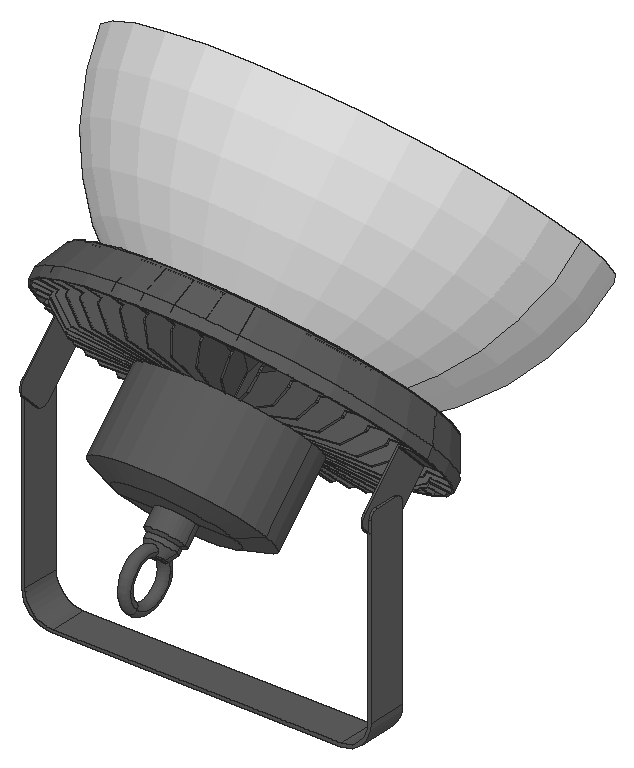
Revit family "0039364+0039355+0039359 Sylvania Lighting Fixture START HighBay IP65 DALI 26000lm 840 MB with BRACKET and ALU SHADE ALU COLOR FOR 26KLM", category Lighting Fixtures, host Face, Revit 2016 (continued)
Definition of nested family "Start LED Highbay DALI Head"
  Nested families
    nested 6: "Start Highbay Rib" at (0, 0, 80.875) x (0.7071, 0.7071, 0) z (0, 0, 1), type "Type Name", detail levels medium+fine
      with SuspensionHeight_FEILO 2.6 mm, WidthStraight_FEILO 4.7 mm, WidthRingChamfer_FEILO 12.9 mm, WidthCurved_FEILO 26.2 mm, WidthCurvedRing_FEILO 4.7 mm, SizeS_FEILO no, Rib4_FEILO 14.6 mm, Rib3_FEILO 20.2 mm, Rib2_FEILO 4.5 mm, Rib1_FEILO 19 mm, RadiusDiffuser_FEILO 120 mm, RHRadius3_FEILO 8.6 mm, RHRadius2_FEILO 14 mm, RHRadius1_FEILO 17.7 mm, RHHeight4_FEILO 9.2 mm, RHHeight3_FEILO 4.6 mm, RHHeight2_FEILO 2.6 mm, RHHeight1_FEILO 17.4 mm, HeightRing_FEILO 36.8 mm, HeightRingChamfer_FEILO 26.6 mm, EyeThickness_FEILO 10.5 mm, EyeThicknessHalf_FEILO 5.25 mm, EyeInner_FEILO 17.3 mm, DriverVerticalStraight_FEILO 57 mm, DriverVerticalChamfer_FEILO 9.5 mm, DriverRadius_FEILO 76.4 mm, DriverRadiusTop_FEILO 52.4 mm, DriverBottom_FEILO 74 mm, Radius_FEILO 169.5 mm
    nested 7: "Start Highbay Rib" at (0, 0, 80.875) x (0.5878, 0.809, 0) z (0, 0, 1), type "Type Name", detail levels medium+fine
      with SuspensionHeight_FEILO 2.6 mm, WidthStraight_FEILO 4.7 mm, WidthRingChamfer_FEILO 12.9 mm, WidthCurved_FEILO 26.2 mm, WidthCurvedRing_FEILO 4.7 mm, SizeS_FEILO no, Rib4_FEILO 14.6 mm, Rib3_FEILO 20.2 mm, Rib2_FEILO 4.5 mm, Rib1_FEILO 19 mm, RadiusDiffuser_FEILO 120 mm, RHRadius3_FEILO 8.6 mm, RHRadius2_FEILO 14 mm, RHRadius1_FEILO 17.7 mm, RHHeight4_FEILO 9.2 mm, RHHeight3_FEILO 4.6 mm, RHHeight2_FEILO 2.6 mm, RHHeight1_FEILO 17.4 mm, HeightRing_FEILO 36.8 mm, HeightRingChamfer_FEILO 26.6 mm, EyeThickness_FEILO 10.5 mm, EyeThicknessHalf_FEILO 5.25 mm, EyeInner_FEILO 17.3 mm, DriverVerticalStraight_FEILO 57 mm, DriverVerticalChamfer_FEILO 9.5 mm, DriverRadius_FEILO 76.4 mm, DriverRadiusTop_FEILO 52.4 mm, DriverBottom_FEILO 74 mm, Radius_FEILO 169.5 mm
    nested 8: "Start Highbay Rib" at (0, 0, 80.875) x (0.454, 0.891, 0) z (0, 0, 1), type "Type Name", detail levels medium+fine
      with SuspensionHeight_FEILO 2.6 mm, WidthStraight_FEILO 4.7 mm, WidthRingChamfer_FEILO 12.9 mm, WidthCurved_FEILO 26.2 mm, WidthCurvedRing_FEILO 4.7 mm, SizeS_FEILO no, Rib4_FEILO 14.6 mm, Rib3_FEILO 20.2 mm, Rib2_FEILO 4.5 mm, Rib1_FEILO 19 mm, RadiusDiffuser_FEILO 120 mm, RHRadius3_FEILO 8.6 mm, RHRadius2_FEILO 14 mm, RHRadius1_FEILO 17.7 mm, RHHeight4_FEILO 9.2 mm, RHHeight3_FEILO 4.6 mm, RHHeight2_FEILO 2.6 mm, RHHeight1_FEILO 17.4 mm, HeightRing_FEILO 36.8 mm, HeightRingChamfer_FEILO 26.6 mm, EyeThickness_FEILO 10.5 mm, EyeThicknessHalf_FEILO 5.25 mm, EyeInner_FEILO 17.3 mm, DriverVerticalStraight_FEILO 57 mm, DriverVerticalChamfer_FEILO 9.5 mm, DriverRadius_FEILO 76.4 mm, DriverRadiusTop_FEILO 52.4 mm, DriverBottom_FEILO 74 mm, Radius_FEILO 169.5 mm
    nested 9: "Start Highbay Rib" at (0, 0, 80.875) x (0.309, 0.9511, 0) z (0, 0, 1), type "Type Name", detail levels medium+fine
      with SuspensionHeight_FEILO 2.6 mm, WidthStraight_FEILO 4.7 mm, WidthRingChamfer_FEILO 12.9 mm, WidthCurved_FEILO 26.2 mm, WidthCurvedRing_FEILO 4.7 mm, SizeS_FEILO no, Rib4_FEILO 14.6 mm, Rib3_FEILO 20.2 mm, Rib2_FEILO 4.5 mm, Rib1_FEILO 19 mm, RadiusDiffuser_FEILO 120 mm, RHRadius3_FEILO 8.6 mm, RHRadius2_FEILO 14 mm, RHRadius1_FEILO 17.7 mm, RHHeight4_FEILO 9.2 mm, RHHeight3_FEILO 4.6 mm, RHHeight2_FEILO 2.6 mm, RHHeight1_FEILO 17.4 mm, HeightRing_FEILO 36.8 mm, HeightRingChamfer_FEILO 26.6 mm, EyeThickness_FEILO 10.5 mm, EyeThicknessHalf_FEILO 5.25 mm, EyeInner_FEILO 17.3 mm, DriverVerticalStraight_FEILO 57 mm, DriverVerticalChamfer_FEILO 9.5 mm, DriverRadius_FEILO 76.4 mm, DriverRadiusTop_FEILO 52.4 mm, DriverBottom_FEILO 74 mm, Radius_FEILO 169.5 mm
    nested 10: "Start Highbay Rib" at (0, 0, 80.875) x (0.1564, 0.9877, 0) z (0, 0, 1), type "Type Name", detail levels medium+fine
      with SuspensionHeight_FEILO 2.6 mm, WidthStraight_FEILO 4.7 mm, WidthRingChamfer_FEILO 12.9 mm, WidthCurved_FEILO 26.2 mm, WidthCurvedRing_FEILO 4.7 mm, SizeS_FEILO no, Rib4_FEILO 14.6 mm, Rib3_FEILO 20.2 mm, Rib2_FEILO 4.5 mm, Rib1_FEILO 19 mm, RadiusDiffuser_FEILO 120 mm, RHRadius3_FEILO 8.6 mm, RHRadius2_FEILO 14 mm, RHRadius1_FEILO 17.7 mm, RHHeight4_FEILO 9.2 mm, RHHeight3_FEILO 4.6 mm, RHHeight2_FEILO 2.6 mm, RHHeight1_FEILO 17.4 mm, HeightRing_FEILO 36.8 mm, HeightRingChamfer_FEILO 26.6 mm, EyeThickness_FEILO 10.5 mm, EyeThicknessHalf_FEILO 5.25 mm, EyeInner_FEILO 17.3 mm, DriverVerticalStraight_FEILO 57 mm, DriverVerticalChamfer_FEILO 9.5 mm, DriverRadius_FEILO 76.4 mm, DriverRadiusTop_FEILO 52.4 mm, DriverBottom_FEILO 74 mm, Radius_FEILO 169.5 mm
    nested 11: "Start Highbay Rib" at (0, 0, 80.875) x (0, 1, 0) z (0, 0, 1), type "Type Name", detail levels medium+fine
      with SuspensionHeight_FEILO 2.6 mm, WidthStraight_FEILO 4.7 mm, WidthRingChamfer_FEILO 12.9 mm, WidthCurved_FEILO 26.2 mm, WidthCurvedRing_FEILO 4.7 mm, SizeS_FEILO no, Rib4_FEILO 14.6 mm, Rib3_FEILO 20.2 mm, Rib2_FEILO 4.5 mm, Rib1_FEILO 19 mm, RadiusDiffuser_FEILO 120 mm, RHRadius3_FEILO 8.6 mm, RHRadius2_FEILO 14 mm, RHRadius1_FEILO 17.7 mm, RHHeight4_FEILO 9.2 mm, RHHeight3_FEILO 4.6 mm, RHHeight2_FEILO 2.6 mm, RHHeight1_FEILO 17.4 mm, HeightRing_FEILO 36.8 mm, HeightRingChamfer_FEILO 26.6 mm, EyeThickness_FEILO 10.5 mm, EyeThicknessHalf_FEILO 5.25 mm, EyeInner_FEILO 17.3 mm, DriverVerticalStraight_FEILO 57 mm, DriverVerticalChamfer_FEILO 9.5 mm, DriverRadius_FEILO 76.4 mm, DriverRadiusTop_FEILO 52.4 mm, DriverBottom_FEILO 74 mm, Radius_FEILO 169.5 mm
    nested 12: "Start Highbay Rib" at (0, 0, 80.875) x (-0.1564, 0.9877, 0) z (0, 0, 1), type "Type Name", detail levels medium+fine
      with SuspensionHeight_FEILO 2.6 mm, WidthStraight_FEILO 4.7 mm, WidthRingChamfer_FEILO 12.9 mm, WidthCurved_FEILO 26.2 mm, WidthCurvedRing_FEILO 4.7 mm, SizeS_FEILO no, Rib4_FEILO 14.6 mm, Rib3_FEILO 20.2 mm, Rib2_FEILO 4.5 mm, Rib1_FEILO 19 mm, RadiusDiffuser_FEILO 120 mm, RHRadius3_FEILO 8.6 mm, RHRadius2_FEILO 14 mm, RHRadius1_FEILO 17.7 mm, RHHeight4_FEILO 9.2 mm, RHHeight3_FEILO 4.6 mm, RHHeight2_FEILO 2.6 mm, RHHeight1_FEILO 17.4 mm, HeightRing_FEILO 36.8 mm, HeightRingChamfer_FEILO 26.6 mm, EyeThickness_FEILO 10.5 mm, EyeThicknessHalf_FEILO 5.25 mm, EyeInner_FEILO 17.3 mm, DriverVerticalStraight_FEILO 57 mm, DriverVerticalChamfer_FEILO 9.5 mm, DriverRadius_FEILO 76.4 mm, DriverRadiusTop_FEILO 52.4 mm, DriverBottom_FEILO 74 mm, Radius_FEILO 169.5 mm
    nested 13: "Start Highbay Rib" at (0, 0, 80.875) x (-0.309, 0.9511, 0) z (0, 0, 1), type "Type Name", detail levels medium+fine
      with SuspensionHeight_FEILO 2.6 mm, WidthStraight_FEILO 4.7 mm, WidthRingChamfer_FEILO 12.9 mm, WidthCurved_FEILO 26.2 mm, WidthCurvedRing_FEILO 4.7 mm, SizeS_FEILO no, Rib4_FEILO 14.6 mm, Rib3_FEILO 20.2 mm, Rib2_FEILO 4.5 mm, Rib1_FEILO 19 mm, RadiusDiffuser_FEILO 120 mm, RHRadius3_FEILO 8.6 mm, RHRadius2_FEILO 14 mm, RHRadius1_FEILO 17.7 mm, RHHeight4_FEILO 9.2 mm, RHHeight3_FEILO 4.6 mm, RHHeight2_FEILO 2.6 mm, RHHeight1_FEILO 17.4 mm, HeightRing_FEILO 36.8 mm, HeightRingChamfer_FEILO 26.6 mm, EyeThickness_FEILO 10.5 mm, EyeThicknessHalf_FEILO 5.25 mm, EyeInner_FEILO 17.3 mm, DriverVerticalStraight_FEILO 57 mm, DriverVerticalChamfer_FEILO 9.5 mm, DriverRadius_FEILO 76.4 mm, DriverRadiusTop_FEILO 52.4 mm, DriverBottom_FEILO 74 mm, Radius_FEILO 169.5 mm
    nested 14: "Start Highbay Rib" at (0, 0, 80.875) x (-0.454, 0.891, 0) z (0, 0, 1), type "Type Name", detail levels medium+fine
      with SuspensionHeight_FEILO 2.6 mm, WidthStraight_FEILO 4.7 mm, WidthRingChamfer_FEILO 12.9 mm, WidthCurved_FEILO 26.2 mm, WidthCurvedRing_FEILO 4.7 mm, SizeS_FEILO no, Rib4_FEILO 14.6 mm, Rib3_FEILO 20.2 mm, Rib2_FEILO 4.5 mm, Rib1_FEILO 19 mm, RadiusDiffuser_FEILO 120 mm, RHRadius3_FEILO 8.6 mm, RHRadius2_FEILO 14 mm, RHRadius1_FEILO 17.7 mm, RHHeight4_FEILO 9.2 mm, RHHeight3_FEILO 4.6 mm, RHHeight2_FEILO 2.6 mm, RHHeight1_FEILO 17.4 mm, HeightRing_FEILO 36.8 mm, HeightRingChamfer_FEILO 26.6 mm, EyeThickness_FEILO 10.5 mm, EyeThicknessHalf_FEILO 5.25 mm, EyeInner_FEILO 17.3 mm, DriverVerticalStraight_FEILO 57 mm, DriverVerticalChamfer_FEILO 9.5 mm, DriverRadius_FEILO 76.4 mm, DriverRadiusTop_FEILO 52.4 mm, DriverBottom_FEILO 74 mm, Radius_FEILO 169.5 mm
    nested 15: "Start Highbay Rib" at (0, 0, 80.875) x (-0.5878, 0.809, 0) z (0, 0, 1), type "Type Name", detail levels medium+fine
      with SuspensionHeight_FEILO 2.6 mm, WidthStraight_FEILO 4.7 mm, WidthRingChamfer_FEILO 12.9 mm, WidthCurved_FEILO 26.2 mm, WidthCurvedRing_FEILO 4.7 mm, SizeS_FEILO no, Rib4_FEILO 14.6 mm, Rib3_FEILO 20.2 mm, Rib2_FEILO 4.5 mm, Rib1_FEILO 19 mm, RadiusDiffuser_FEILO 120 mm, RHRadius3_FEILO 8.6 mm, RHRadius2_FEILO 14 mm, RHRadius1_FEILO 17.7 mm, RHHeight4_FEILO 9.2 mm, RHHeight3_FEILO 4.6 mm, RHHeight2_FEILO 2.6 mm, RHHeight1_FEILO 17.4 mm, HeightRing_FEILO 36.8 mm, HeightRingChamfer_FEILO 26.6 mm, EyeThickness_FEILO 10.5 mm, EyeThicknessHalf_FEILO 5.25 mm, EyeInner_FEILO 17.3 mm, DriverVerticalStraight_FEILO 57 mm, DriverVerticalChamfer_FEILO 9.5 mm, DriverRadius_FEILO 76.4 mm, DriverRadiusTop_FEILO 52.4 mm, DriverBottom_FEILO 74 mm, Radius_FEILO 169.5 mm
    nested 16: "Start Highbay Rib" at (0, 0, 80.875) x (-0.7071, 0.7071, 0) z (0, 0, 1), type "Type Name", detail levels medium+fine
      with SuspensionHeight_FEILO 2.6 mm, WidthStraight_FEILO 4.7 mm, WidthRingChamfer_FEILO 12.9 mm, WidthCurved_FEILO 26.2 mm, WidthCurvedRing_FEILO 4.7 mm, SizeS_FEILO no, Rib4_FEILO 14.6 mm, Rib3_FEILO 20.2 mm, Rib2_FEILO 4.5 mm, Rib1_FEILO 19 mm, RadiusDiffuser_FEILO 120 mm, RHRadius3_FEILO 8.6 mm, RHRadius2_FEILO 14 mm, RHRadius1_FEILO 17.7 mm, RHHeight4_FEILO 9.2 mm, RHHeight3_FEILO 4.6 mm, RHHeight2_FEILO 2.6 mm, RHHeight1_FEILO 17.4 mm, HeightRing_FEILO 36.8 mm, HeightRingChamfer_FEILO 26.6 mm, EyeThickness_FEILO 10.5 mm, EyeThicknessHalf_FEILO 5.25 mm, EyeInner_FEILO 17.3 mm, DriverVerticalStraight_FEILO 57 mm, DriverVerticalChamfer_FEILO 9.5 mm, DriverRadius_FEILO 76.4 mm, DriverRadiusTop_FEILO 52.4 mm, DriverBottom_FEILO 74 mm, Radius_FEILO 169.5 mm
    nested 17: "Start Highbay Rib" at (0, 0, 80.875) x (-0.809, 0.5878, 0) z (0, 0, 1), type "Type Name", detail levels medium+fine
      with SuspensionHeight_FEILO 2.6 mm, WidthStraight_FEILO 4.7 mm, WidthRingChamfer_FEILO 12.9 mm, WidthCurved_FEILO 26.2 mm, WidthCurvedRing_FEILO 4.7 mm, SizeS_FEILO no, Rib4_FEILO 14.6 mm, Rib3_FEILO 20.2 mm, Rib2_FEILO 4.5 mm, Rib1_FEILO 19 mm, RadiusDiffuser_FEILO 120 mm, RHRadius3_FEILO 8.6 mm, RHRadius2_FEILO 14 mm, RHRadius1_FEILO 17.7 mm, RHHeight4_FEILO 9.2 mm, RHHeight3_FEILO 4.6 mm, RHHeight2_FEILO 2.6 mm, RHHeight1_FEILO 17.4 mm, HeightRing_FEILO 36.8 mm, HeightRingChamfer_FEILO 26.6 mm, EyeThickness_FEILO 10.5 mm, EyeThicknessHalf_FEILO 5.25 mm, EyeInner_FEILO 17.3 mm, DriverVerticalStraight_FEILO 57 mm, DriverVerticalChamfer_FEILO 9.5 mm, DriverRadius_FEILO 76.4 mm, DriverRadiusTop_FEILO 52.4 mm, DriverBottom_FEILO 74 mm, Radius_FEILO 169.5 mm
    nested 18: "Start Highbay Rib" at (0, 0, 80.875) x (-0.891, 0.454, 0) z (0, 0, 1), type "Type Name", detail levels medium+fine
      with SuspensionHeight_FEILO 2.6 mm, WidthStraight_FEILO 4.7 mm, WidthRingChamfer_FEILO 12.9 mm, WidthCurved_FEILO 26.2 mm, WidthCurvedRing_FEILO 4.7 mm, SizeS_FEILO no, Rib4_FEILO 14.6 mm, Rib3_FEILO 20.2 mm, Rib2_FEILO 4.5 mm, Rib1_FEILO 19 mm, RadiusDiffuser_FEILO 120 mm, RHRadius3_FEILO 8.6 mm, RHRadius2_FEILO 14 mm, RHRadius1_FEILO 17.7 mm, RHHeight4_FEILO 9.2 mm, RHHeight3_FEILO 4.6 mm, RHHeight2_FEILO 2.6 mm, RHHeight1_FEILO 17.4 mm, HeightRing_FEILO 36.8 mm, HeightRingChamfer_FEILO 26.6 mm, EyeThickness_FEILO 10.5 mm, EyeThicknessHalf_FEILO 5.25 mm, EyeInner_FEILO 17.3 mm, DriverVerticalStraight_FEILO 57 mm, DriverVerticalChamfer_FEILO 9.5 mm, DriverRadius_FEILO 76.4 mm, DriverRadiusTop_FEILO 52.4 mm, DriverBottom_FEILO 74 mm, Radius_FEILO 169.5 mm
    nested 19: "Start Highbay Rib" at (0, 0, 80.875) x (-0.9511, 0.309, 0) z (0, 0, 1), type "Type Name", detail levels medium+fine
      with SuspensionHeight_FEILO 2.6 mm, WidthStraight_FEILO 4.7 mm, WidthRingChamfer_FEILO 12.9 mm, WidthCurved_FEILO 26.2 mm, WidthCurvedRing_FEILO 4.7 mm, SizeS_FEILO no, Rib4_FEILO 14.6 mm, Rib3_FEILO 20.2 mm, Rib2_FEILO 4.5 mm, Rib1_FEILO 19 mm, RadiusDiffuser_FEILO 120 mm, RHRadius3_FEILO 8.6 mm, RHRadius2_FEILO 14 mm, RHRadius1_FEILO 17.7 mm, RHHeight4_FEILO 9.2 mm, RHHeight3_FEILO 4.6 mm, RHHeight2_FEILO 2.6 mm, RHHeight1_FEILO 17.4 mm, HeightRing_FEILO 36.8 mm, HeightRingChamfer_FEILO 26.6 mm, EyeThickness_FEILO 10.5 mm, EyeThicknessHalf_FEILO 5.25 mm, EyeInner_FEILO 17.3 mm, DriverVerticalStraight_FEILO 57 mm, DriverVerticalChamfer_FEILO 9.5 mm, DriverRadius_FEILO 76.4 mm, DriverRadiusTop_FEILO 52.4 mm, DriverBottom_FEILO 74 mm, Radius_FEILO 169.5 mm
    nested 20: "Start Highbay Rib" at (0, 0, 80.875) x (-0.9877, 0.1564, 0) z (0, 0, 1), type "Type Name", detail levels medium+fine
      with SuspensionHeight_FEILO 2.6 mm, WidthStraight_FEILO 4.7 mm, WidthRingChamfer_FEILO 12.9 mm, WidthCurved_FEILO 26.2 mm, WidthCurvedRing_FEILO 4.7 mm, SizeS_FEILO no, Rib4_FEILO 14.6 mm, Rib3_FEILO 20.2 mm, Rib2_FEILO 4.5 mm, Rib1_FEILO 19 mm, RadiusDiffuser_FEILO 120 mm, RHRadius3_FEILO 8.6 mm, RHRadius2_FEILO 14 mm, RHRadius1_FEILO 17.7 mm, RHHeight4_FEILO 9.2 mm, RHHeight3_FEILO 4.6 mm, RHHeight2_FEILO 2.6 mm, RHHeight1_FEILO 17.4 mm, HeightRing_FEILO 36.8 mm, HeightRingChamfer_FEILO 26.6 mm, EyeThickness_FEILO 10.5 mm, EyeThicknessHalf_FEILO 5.25 mm, EyeInner_FEILO 17.3 mm, DriverVerticalStraight_FEILO 57 mm, DriverVerticalChamfer_FEILO 9.5 mm, DriverRadius_FEILO 76.4 mm, DriverRadiusTop_FEILO 52.4 mm, DriverBottom_FEILO 74 mm, Radius_FEILO 169.5 mm
    nested 21: "Start Highbay Rib" at (0, 0, 80.875) x (-1, 0, 0) z (0, 0, 1), type "Type Name", detail levels medium+fine
      with SuspensionHeight_FEILO 2.6 mm, WidthStraight_FEILO 4.7 mm, WidthRingChamfer_FEILO 12.9 mm, WidthCurved_FEILO 26.2 mm, WidthCurvedRing_FEILO 4.7 mm, SizeS_FEILO no, Rib4_FEILO 14.6 mm, Rib3_FEILO 20.2 mm, Rib2_FEILO 4.5 mm, Rib1_FEILO 19 mm, RadiusDiffuser_FEILO 120 mm, RHRadius3_FEILO 8.6 mm, RHRadius2_FEILO 14 mm, RHRadius1_FEILO 17.7 mm, RHHeight4_FEILO 9.2 mm, RHHeight3_FEILO 4.6 mm, RHHeight2_FEILO 2.6 mm, RHHeight1_FEILO 17.4 mm, HeightRing_FEILO 36.8 mm, HeightRingChamfer_FEILO 26.6 mm, EyeThickness_FEILO 10.5 mm, EyeThicknessHalf_FEILO 5.25 mm, EyeInner_FEILO 17.3 mm, DriverVerticalStraight_FEILO 57 mm, DriverVerticalChamfer_FEILO 9.5 mm, DriverRadius_FEILO 76.4 mm, DriverRadiusTop_FEILO 52.4 mm, DriverBottom_FEILO 74 mm, Radius_FEILO 169.5 mm
    nested 22: "Start Highbay Rib" at (0, 0, 80.875) x (-0.9877, -0.1564, 0) z (0, 0, 1), type "Type Name", detail levels medium+fine
      with SuspensionHeight_FEILO 2.6 mm, WidthStraight_FEILO 4.7 mm, WidthRingChamfer_FEILO 12.9 mm, WidthCurved_FEILO 26.2 mm, WidthCurvedRing_FEILO 4.7 mm, SizeS_FEILO no, Rib4_FEILO 14.6 mm, Rib3_FEILO 20.2 mm, Rib2_FEILO 4.5 mm, Rib1_FEILO 19 mm, RadiusDiffuser_FEILO 120 mm, RHRadius3_FEILO 8.6 mm, RHRadius2_FEILO 14 mm, RHRadius1_FEILO 17.7 mm, RHHeight4_FEILO 9.2 mm, RHHeight3_FEILO 4.6 mm, RHHeight2_FEILO 2.6 mm, RHHeight1_FEILO 17.4 mm, HeightRing_FEILO 36.8 mm, HeightRingChamfer_FEILO 26.6 mm, EyeThickness_FEILO 10.5 mm, EyeThicknessHalf_FEILO 5.25 mm, EyeInner_FEILO 17.3 mm, DriverVerticalStraight_FEILO 57 mm, DriverVerticalChamfer_FEILO 9.5 mm, DriverRadius_FEILO 76.4 mm, DriverRadiusTop_FEILO 52.4 mm, DriverBottom_FEILO 74 mm, Radius_FEILO 169.5 mm
    nested 23: "Start Highbay Rib" at (0, 0, 80.875) x (-0.9511, -0.309, 0) z (0, 0, 1), type "Type Name", detail levels medium+fine
      with SuspensionHeight_FEILO 2.6 mm, WidthStraight_FEILO 4.7 mm, WidthRingChamfer_FEILO 12.9 mm, WidthCurved_FEILO 26.2 mm, WidthCurvedRing_FEILO 4.7 mm, SizeS_FEILO no, Rib4_FEILO 14.6 mm, Rib3_FEILO 20.2 mm, Rib2_FEILO 4.5 mm, Rib1_FEILO 19 mm, RadiusDiffuser_FEILO 120 mm, RHRadius3_FEILO 8.6 mm, RHRadius2_FEILO 14 mm, RHRadius1_FEILO 17.7 mm, RHHeight4_FEILO 9.2 mm, RHHeight3_FEILO 4.6 mm, RHHeight2_FEILO 2.6 mm, RHHeight1_FEILO 17.4 mm, HeightRing_FEILO 36.8 mm, HeightRingChamfer_FEILO 26.6 mm, EyeThickness_FEILO 10.5 mm, EyeThicknessHalf_FEILO 5.25 mm, EyeInner_FEILO 17.3 mm, DriverVerticalStraight_FEILO 57 mm, DriverVerticalChamfer_FEILO 9.5 mm, DriverRadius_FEILO 76.4 mm, DriverRadiusTop_FEILO 52.4 mm, DriverBottom_FEILO 74 mm, Radius_FEILO 169.5 mm
    nested 24: "Start Highbay Rib" at (0, 0, 80.875) x (-0.891, -0.454, 0) z (0, 0, 1), type "Type Name", detail levels medium+fine
      with SuspensionHeight_FEILO 2.6 mm, WidthStraight_FEILO 4.7 mm, WidthRingChamfer_FEILO 12.9 mm, WidthCurved_FEILO 26.2 mm, WidthCurvedRing_FEILO 4.7 mm, SizeS_FEILO no, Rib4_FEILO 14.6 mm, Rib3_FEILO 20.2 mm, Rib2_FEILO 4.5 mm, Rib1_FEILO 19 mm, RadiusDiffuser_FEILO 120 mm, RHRadius3_FEILO 8.6 mm, RHRadius2_FEILO 14 mm, RHRadius1_FEILO 17.7 mm, RHHeight4_FEILO 9.2 mm, RHHeight3_FEILO 4.6 mm, RHHeight2_FEILO 2.6 mm, RHHeight1_FEILO 17.4 mm, HeightRing_FEILO 36.8 mm, HeightRingChamfer_FEILO 26.6 mm, EyeThickness_FEILO 10.5 mm, EyeThicknessHalf_FEILO 5.25 mm, EyeInner_FEILO 17.3 mm, DriverVerticalStraight_FEILO 57 mm, DriverVerticalChamfer_FEILO 9.5 mm, DriverRadius_FEILO 76.4 mm, DriverRadiusTop_FEILO 52.4 mm, DriverBottom_FEILO 74 mm, Radius_FEILO 169.5 mm
    nested 25: "Start Highbay Rib" at (0, 0, 80.875) x (-0.809, -0.5878, 0) z (0, 0, 1), type "Type Name", detail levels medium+fine
      with SuspensionHeight_FEILO 2.6 mm, WidthStraight_FEILO 4.7 mm, WidthRingChamfer_FEILO 12.9 mm, WidthCurved_FEILO 26.2 mm, WidthCurvedRing_FEILO 4.7 mm, SizeS_FEILO no, Rib4_FEILO 14.6 mm, Rib3_FEILO 20.2 mm, Rib2_FEILO 4.5 mm, Rib1_FEILO 19 mm, RadiusDiffuser_FEILO 120 mm, RHRadius3_FEILO 8.6 mm, RHRadius2_FEILO 14 mm, RHRadius1_FEILO 17.7 mm, RHHeight4_FEILO 9.2 mm, RHHeight3_FEILO 4.6 mm, RHHeight2_FEILO 2.6 mm, RHHeight1_FEILO 17.4 mm, HeightRing_FEILO 36.8 mm, HeightRingChamfer_FEILO 26.6 mm, EyeThickness_FEILO 10.5 mm, EyeThicknessHalf_FEILO 5.25 mm, EyeInner_FEILO 17.3 mm, DriverVerticalStraight_FEILO 57 mm, DriverVerticalChamfer_FEILO 9.5 mm, DriverRadius_FEILO 76.4 mm, DriverRadiusTop_FEILO 52.4 mm, DriverBottom_FEILO 74 mm, Radius_FEILO 169.5 mm
    nested 26: "Start Highbay Rib" at (0, 0, 80.875) x (-0.7071, -0.7071, 0) z (0, 0, 1), type "Type Name", detail levels medium+fine
      with SuspensionHeight_FEILO 2.6 mm, WidthStraight_FEILO 4.7 mm, WidthRingChamfer_FEILO 12.9 mm, WidthCurved_FEILO 26.2 mm, WidthCurvedRing_FEILO 4.7 mm, SizeS_FEILO no, Rib4_FEILO 14.6 mm, Rib3_FEILO 20.2 mm, Rib2_FEILO 4.5 mm, Rib1_FEILO 19 mm, RadiusDiffuser_FEILO 120 mm, RHRadius3_FEILO 8.6 mm, RHRadius2_FEILO 14 mm, RHRadius1_FEILO 17.7 mm, RHHeight4_FEILO 9.2 mm, RHHeight3_FEILO 4.6 mm, RHHeight2_FEILO 2.6 mm, RHHeight1_FEILO 17.4 mm, HeightRing_FEILO 36.8 mm, HeightRingChamfer_FEILO 26.6 mm, EyeThickness_FEILO 10.5 mm, EyeThicknessHalf_FEILO 5.25 mm, EyeInner_FEILO 17.3 mm, DriverVerticalStraight_FEILO 57 mm, DriverVerticalChamfer_FEILO 9.5 mm, DriverRadius_FEILO 76.4 mm, DriverRadiusTop_FEILO 52.4 mm, DriverBottom_FEILO 74 mm, Radius_FEILO 169.5 mm
    nested 27: "Start Highbay Rib" at (0, 0, 80.875) x (-0.5878, -0.809, 0) z (0, 0, 1), type "Type Name", detail levels medium+fine
      with SuspensionHeight_FEILO 2.6 mm, WidthStraight_FEILO 4.7 mm, WidthRingChamfer_FEILO 12.9 mm, WidthCurved_FEILO 26.2 mm, WidthCurvedRing_FEILO 4.7 mm, SizeS_FEILO no, Rib4_FEILO 14.6 mm, Rib3_FEILO 20.2 mm, Rib2_FEILO 4.5 mm, Rib1_FEILO 19 mm, RadiusDiffuser_FEILO 120 mm, RHRadius3_FEILO 8.6 mm, RHRadius2_FEILO 14 mm, RHRadius1_FEILO 17.7 mm, RHHeight4_FEILO 9.2 mm, RHHeight3_FEILO 4.6 mm, RHHeight2_FEILO 2.6 mm, RHHeight1_FEILO 17.4 mm, HeightRing_FEILO 36.8 mm, HeightRingChamfer_FEILO 26.6 mm, EyeThickness_FEILO 10.5 mm, EyeThicknessHalf_FEILO 5.25 mm, EyeInner_FEILO 17.3 mm, DriverVerticalStraight_FEILO 57 mm, DriverVerticalChamfer_FEILO 9.5 mm, DriverRadius_FEILO 76.4 mm, DriverRadiusTop_FEILO 52.4 mm, DriverBottom_FEILO 74 mm, Radius_FEILO 169.5 mm
    nested 28: "Start Highbay Rib" at (0, 0, 80.875) x (-0.454, -0.891, 0) z (0, 0, 1), type "Type Name", detail levels medium+fine
      with SuspensionHeight_FEILO 2.6 mm, WidthStraight_FEILO 4.7 mm, WidthRingChamfer_FEILO 12.9 mm, WidthCurved_FEILO 26.2 mm, WidthCurvedRing_FEILO 4.7 mm, SizeS_FEILO no, Rib4_FEILO 14.6 mm, Rib3_FEILO 20.2 mm, Rib2_FEILO 4.5 mm, Rib1_FEILO 19 mm, RadiusDiffuser_FEILO 120 mm, RHRadius3_FEILO 8.6 mm, RHRadius2_FEILO 14 mm, RHRadius1_FEILO 17.7 mm, RHHeight4_FEILO 9.2 mm, RHHeight3_FEILO 4.6 mm, RHHeight2_FEILO 2.6 mm, RHHeight1_FEILO 17.4 mm, HeightRing_FEILO 36.8 mm, HeightRingChamfer_FEILO 26.6 mm, EyeThickness_FEILO 10.5 mm, EyeThicknessHalf_FEILO 5.25 mm, EyeInner_FEILO 17.3 mm, DriverVerticalStraight_FEILO 57 mm, DriverVerticalChamfer_FEILO 9.5 mm, DriverRadius_FEILO 76.4 mm, DriverRadiusTop_FEILO 52.4 mm, DriverBottom_FEILO 74 mm, Radius_FEILO 169.5 mm
    nested 29: "Start Highbay Rib" at (0, 0, 80.875) x (-0.309, -0.9511, 0) z (0, 0, 1), type "Type Name", detail levels medium+fine
      with SuspensionHeight_FEILO 2.6 mm, WidthStraight_FEILO 4.7 mm, WidthRingChamfer_FEILO 12.9 mm, WidthCurved_FEILO 26.2 mm, WidthCurvedRing_FEILO 4.7 mm, SizeS_FEILO no, Rib4_FEILO 14.6 mm, Rib3_FEILO 20.2 mm, Rib2_FEILO 4.5 mm, Rib1_FEILO 19 mm, RadiusDiffuser_FEILO 120 mm, RHRadius3_FEILO 8.6 mm, RHRadius2_FEILO 14 mm, RHRadius1_FEILO 17.7 mm, RHHeight4_FEILO 9.2 mm, RHHeight3_FEILO 4.6 mm, RHHeight2_FEILO 2.6 mm, RHHeight1_FEILO 17.4 mm, HeightRing_FEILO 36.8 mm, HeightRingChamfer_FEILO 26.6 mm, EyeThickness_FEILO 10.5 mm, EyeThicknessHalf_FEILO 5.25 mm, EyeInner_FEILO 17.3 mm, DriverVerticalStraight_FEILO 57 mm, DriverVerticalChamfer_FEILO 9.5 mm, DriverRadius_FEILO 76.4 mm, DriverRadiusTop_FEILO 52.4 mm, DriverBottom_FEILO 74 mm, Radius_FEILO 169.5 mm
    nested 30: "Start Highbay Rib" at (0, 0, 80.875) x (-0.1564, -0.9877, 0) z (0, 0, 1), type "Type Name", detail levels medium+fine
      with SuspensionHeight_FEILO 2.6 mm, WidthStraight_FEILO 4.7 mm, WidthRingChamfer_FEILO 12.9 mm, WidthCurved_FEILO 26.2 mm, WidthCurvedRing_FEILO 4.7 mm, SizeS_FEILO no, Rib4_FEILO 14.6 mm, Rib3_FEILO 20.2 mm, Rib2_FEILO 4.5 mm, Rib1_FEILO 19 mm, RadiusDiffuser_FEILO 120 mm, RHRadius3_FEILO 8.6 mm, RHRadius2_FEILO 14 mm, RHRadius1_FEILO 17.7 mm, RHHeight4_FEILO 9.2 mm, RHHeight3_FEILO 4.6 mm, RHHeight2_FEILO 2.6 mm, RHHeight1_FEILO 17.4 mm, HeightRing_FEILO 36.8 mm, HeightRingChamfer_FEILO 26.6 mm, EyeThickness_FEILO 10.5 mm, EyeThicknessHalf_FEILO 5.25 mm, EyeInner_FEILO 17.3 mm, DriverVerticalStraight_FEILO 57 mm, DriverVerticalChamfer_FEILO 9.5 mm, DriverRadius_FEILO 76.4 mm, DriverRadiusTop_FEILO 52.4 mm, DriverBottom_FEILO 74 mm, Radius_FEILO 169.5 mm
    nested 31: "Start Highbay Rib" at (0, 0, 80.875) x (0, -1, 0) z (0, 0, 1), type "Type Name", detail levels medium+fine
      with SuspensionHeight_FEILO 2.6 mm, WidthStraight_FEILO 4.7 mm, WidthRingChamfer_FEILO 12.9 mm, WidthCurved_FEILO 26.2 mm, WidthCurvedRing_FEILO 4.7 mm, SizeS_FEILO no, Rib4_FEILO 14.6 mm, Rib3_FEILO 20.2 mm, Rib2_FEILO 4.5 mm, Rib1_FEILO 19 mm, RadiusDiffuser_FEILO 120 mm, RHRadius3_FEILO 8.6 mm, RHRadius2_FEILO 14 mm, RHRadius1_FEILO 17.7 mm, RHHeight4_FEILO 9.2 mm, RHHeight3_FEILO 4.6 mm, RHHeight2_FEILO 2.6 mm, RHHeight1_FEILO 17.4 mm, HeightRing_FEILO 36.8 mm, HeightRingChamfer_FEILO 26.6 mm, EyeThickness_FEILO 10.5 mm, EyeThicknessHalf_FEILO 5.25 mm, EyeInner_FEILO 17.3 mm, DriverVerticalStraight_FEILO 57 mm, DriverVerticalChamfer_FEILO 9.5 mm, DriverRadius_FEILO 76.4 mm, DriverRadiusTop_FEILO 52.4 mm, DriverBottom_FEILO 74 mm, Radius_FEILO 169.5 mm
    nested 32: "Start Highbay Rib" at (0, 0, 80.875) x (0.1564, -0.9877, 0) z (0, 0, 1), type "Type Name", detail levels medium+fine
      with SuspensionHeight_FEILO 2.6 mm, WidthStraight_FEILO 4.7 mm, WidthRingChamfer_FEILO 12.9 mm, WidthCurved_FEILO 26.2 mm, WidthCurvedRing_FEILO 4.7 mm, SizeS_FEILO no, Rib4_FEILO 14.6 mm, Rib3_FEILO 20.2 mm, Rib2_FEILO 4.5 mm, Rib1_FEILO 19 mm, RadiusDiffuser_FEILO 120 mm, RHRadius3_FEILO 8.6 mm, RHRadius2_FEILO 14 mm, RHRadius1_FEILO 17.7 mm, RHHeight4_FEILO 9.2 mm, RHHeight3_FEILO 4.6 mm, RHHeight2_FEILO 2.6 mm, RHHeight1_FEILO 17.4 mm, HeightRing_FEILO 36.8 mm, HeightRingChamfer_FEILO 26.6 mm, EyeThickness_FEILO 10.5 mm, EyeThicknessHalf_FEILO 5.25 mm, EyeInner_FEILO 17.3 mm, DriverVerticalStraight_FEILO 57 mm, DriverVerticalChamfer_FEILO 9.5 mm, DriverRadius_FEILO 76.4 mm, DriverRadiusTop_FEILO 52.4 mm, DriverBottom_FEILO 74 mm, Radius_FEILO 169.5 mm
    nested 33: "Start Highbay Rib" at (0, 0, 80.875) x (0.309, -0.9511, 0) z (0, 0, 1), type "Type Name", detail levels medium+fine
      with SuspensionHeight_FEILO 2.6 mm, WidthStraight_FEILO 4.7 mm, WidthRingChamfer_FEILO 12.9 mm, WidthCurved_FEILO 26.2 mm, WidthCurvedRing_FEILO 4.7 mm, SizeS_FEILO no, Rib4_FEILO 14.6 mm, Rib3_FEILO 20.2 mm, Rib2_FEILO 4.5 mm, Rib1_FEILO 19 mm, RadiusDiffuser_FEILO 120 mm, RHRadius3_FEILO 8.6 mm, RHRadius2_FEILO 14 mm, RHRadius1_FEILO 17.7 mm, RHHeight4_FEILO 9.2 mm, RHHeight3_FEILO 4.6 mm, RHHeight2_FEILO 2.6 mm, RHHeight1_FEILO 17.4 mm, HeightRing_FEILO 36.8 mm, HeightRingChamfer_FEILO 26.6 mm, EyeThickness_FEILO 10.5 mm, EyeThicknessHalf_FEILO 5.25 mm, EyeInner_FEILO 17.3 mm, DriverVerticalStraight_FEILO 57 mm, DriverVerticalChamfer_FEILO 9.5 mm, DriverRadius_FEILO 76.4 mm, DriverRadiusTop_FEILO 52.4 mm, DriverBottom_FEILO 74 mm, Radius_FEILO 169.5 mm
    nested 34: "Start Highbay Rib" at (0, 0, 80.875) x (0.454, -0.891, 0) z (0, 0, 1), type "Type Name", detail levels medium+fine
      with SuspensionHeight_FEILO 2.6 mm, WidthStraight_FEILO 4.7 mm, WidthRingChamfer_FEILO 12.9 mm, WidthCurved_FEILO 26.2 mm, WidthCurvedRing_FEILO 4.7 mm, SizeS_FEILO no, Rib4_FEILO 14.6 mm, Rib3_FEILO 20.2 mm, Rib2_FEILO 4.5 mm, Rib1_FEILO 19 mm, RadiusDiffuser_FEILO 120 mm, RHRadius3_FEILO 8.6 mm, RHRadius2_FEILO 14 mm, RHRadius1_FEILO 17.7 mm, RHHeight4_FEILO 9.2 mm, RHHeight3_FEILO 4.6 mm, RHHeight2_FEILO 2.6 mm, RHHeight1_FEILO 17.4 mm, HeightRing_FEILO 36.8 mm, HeightRingChamfer_FEILO 26.6 mm, EyeThickness_FEILO 10.5 mm, EyeThicknessHalf_FEILO 5.25 mm, EyeInner_FEILO 17.3 mm, DriverVerticalStraight_FEILO 57 mm, DriverVerticalChamfer_FEILO 9.5 mm, DriverRadius_FEILO 76.4 mm, DriverRadiusTop_FEILO 52.4 mm, DriverBottom_FEILO 74 mm, Radius_FEILO 169.5 mm
    nested 35: "Start Highbay Rib" at (0, 0, 80.875) x (0.5878, -0.809, 0) z (0, 0, 1), type "Type Name", detail levels medium+fine
      with SuspensionHeight_FEILO 2.6 mm, WidthStraight_FEILO 4.7 mm, WidthRingChamfer_FEILO 12.9 mm, WidthCurved_FEILO 26.2 mm, WidthCurvedRing_FEILO 4.7 mm, SizeS_FEILO no, Rib4_FEILO 14.6 mm, Rib3_FEILO 20.2 mm, Rib2_FEILO 4.5 mm, Rib1_FEILO 19 mm, RadiusDiffuser_FEILO 120 mm, RHRadius3_FEILO 8.6 mm, RHRadius2_FEILO 14 mm, RHRadius1_FEILO 17.7 mm, RHHeight4_FEILO 9.2 mm, RHHeight3_FEILO 4.6 mm, RHHeight2_FEILO 2.6 mm, RHHeight1_FEILO 17.4 mm, HeightRing_FEILO 36.8 mm, HeightRingChamfer_FEILO 26.6 mm, EyeThickness_FEILO 10.5 mm, EyeThicknessHalf_FEILO 5.25 mm, EyeInner_FEILO 17.3 mm, DriverVerticalStraight_FEILO 57 mm, DriverVerticalChamfer_FEILO 9.5 mm, DriverRadius_FEILO 76.4 mm, DriverRadiusTop_FEILO 52.4 mm, DriverBottom_FEILO 74 mm, Radius_FEILO 169.5 mm
    nested 36: "Start Highbay Rib" at (0, 0, 80.875) x (0.7071, -0.7071, 0) z (0, 0, 1), type "Type Name", detail levels medium+fine
      with SuspensionHeight_FEILO 2.6 mm, WidthStraight_FEILO 4.7 mm, WidthRingChamfer_FEILO 12.9 mm, WidthCurved_FEILO 26.2 mm, WidthCurvedRing_FEILO 4.7 mm, SizeS_FEILO no, Rib4_FEILO 14.6 mm, Rib3_FEILO 20.2 mm, Rib2_FEILO 4.5 mm, Rib1_FEILO 19 mm, RadiusDiffuser_FEILO 120 mm, RHRadius3_FEILO 8.6 mm, RHRadius2_FEILO 14 mm, RHRadius1_FEILO 17.7 mm, RHHeight4_FEILO 9.2 mm, RHHeight3_FEILO 4.6 mm, RHHeight2_FEILO 2.6 mm, RHHeight1_FEILO 17.4 mm, HeightRing_FEILO 36.8 mm, HeightRingChamfer_FEILO 26.6 mm, EyeThickness_FEILO 10.5 mm, EyeThicknessHalf_FEILO 5.25 mm, EyeInner_FEILO 17.3 mm, DriverVerticalStraight_FEILO 57 mm, DriverVerticalChamfer_FEILO 9.5 mm, DriverRadius_FEILO 76.4 mm, DriverRadiusTop_FEILO 52.4 mm, DriverBottom_FEILO 74 mm, Radius_FEILO 169.5 mm
    nested 37: "Start Highbay Rib" at (0, 0, 80.875) x (0.809, -0.5878, 0) z (0, 0, 1), type "Type Name", detail levels medium+fine
      with SuspensionHeight_FEILO 2.6 mm, WidthStraight_FEILO 4.7 mm, WidthRingChamfer_FEILO 12.9 mm, WidthCurved_FEILO 26.2 mm, WidthCurvedRing_FEILO 4.7 mm, SizeS_FEILO no, Rib4_FEILO 14.6 mm, Rib3_FEILO 20.2 mm, Rib2_FEILO 4.5 mm, Rib1_FEILO 19 mm, RadiusDiffuser_FEILO 120 mm, RHRadius3_FEILO 8.6 mm, RHRadius2_FEILO 14 mm, RHRadius1_FEILO 17.7 mm, RHHeight4_FEILO 9.2 mm, RHHeight3_FEILO 4.6 mm, RHHeight2_FEILO 2.6 mm, RHHeight1_FEILO 17.4 mm, HeightRing_FEILO 36.8 mm, HeightRingChamfer_FEILO 26.6 mm, EyeThickness_FEILO 10.5 mm, EyeThicknessHalf_FEILO 5.25 mm, EyeInner_FEILO 17.3 mm, DriverVerticalStraight_FEILO 57 mm, DriverVerticalChamfer_FEILO 9.5 mm, DriverRadius_FEILO 76.4 mm, DriverRadiusTop_FEILO 52.4 mm, DriverBottom_FEILO 74 mm, Radius_FEILO 169.5 mm
    nested 38: "Start Highbay Rib" at (0, 0, 80.875) x (0.891, -0.454, 0) z (0, 0, 1), type "Type Name", detail levels medium+fine
      with SuspensionHeight_FEILO 2.6 mm, WidthStraight_FEILO 4.7 mm, WidthRingChamfer_FEILO 12.9 mm, WidthCurved_FEILO 26.2 mm, WidthCurvedRing_FEILO 4.7 mm, SizeS_FEILO no, Rib4_FEILO 14.6 mm, Rib3_FEILO 20.2 mm, Rib2_FEILO 4.5 mm, Rib1_FEILO 19 mm, RadiusDiffuser_FEILO 120 mm, RHRadius3_FEILO 8.6 mm, RHRadius2_FEILO 14 mm, RHRadius1_FEILO 17.7 mm, RHHeight4_FEILO 9.2 mm, RHHeight3_FEILO 4.6 mm, RHHeight2_FEILO 2.6 mm, RHHeight1_FEILO 17.4 mm, HeightRing_FEILO 36.8 mm, HeightRingChamfer_FEILO 26.6 mm, EyeThickness_FEILO 10.5 mm, EyeThicknessHalf_FEILO 5.25 mm, EyeInner_FEILO 17.3 mm, DriverVerticalStraight_FEILO 57 mm, DriverVerticalChamfer_FEILO 9.5 mm, DriverRadius_FEILO 76.4 mm, DriverRadiusTop_FEILO 52.4 mm, DriverBottom_FEILO 74 mm, Radius_FEILO 169.5 mm
    nested 39: "Start Highbay Rib" at (0, 0, 80.875) x (0.9511, -0.309, 0) z (0, 0, 1), type "Type Name", detail levels medium+fine
      with SuspensionHeight_FEILO 2.6 mm, WidthStraight_FEILO 4.7 mm, WidthRingChamfer_FEILO 12.9 mm, WidthCurved_FEILO 26.2 mm, WidthCurvedRing_FEILO 4.7 mm, SizeS_FEILO no, Rib4_FEILO 14.6 mm, Rib3_FEILO 20.2 mm, Rib2_FEILO 4.5 mm, Rib1_FEILO 19 mm, RadiusDiffuser_FEILO 120 mm, RHRadius3_FEILO 8.6 mm, RHRadius2_FEILO 14 mm, RHRadius1_FEILO 17.7 mm, RHHeight4_FEILO 9.2 mm, RHHeight3_FEILO 4.6 mm, RHHeight2_FEILO 2.6 mm, RHHeight1_FEILO 17.4 mm, HeightRing_FEILO 36.8 mm, HeightRingChamfer_FEILO 26.6 mm, EyeThickness_FEILO 10.5 mm, EyeThicknessHalf_FEILO 5.25 mm, EyeInner_FEILO 17.3 mm, DriverVerticalStraight_FEILO 57 mm, DriverVerticalChamfer_FEILO 9.5 mm, DriverRadius_FEILO 76.4 mm, DriverRadiusTop_FEILO 52.4 mm, DriverBottom_FEILO 74 mm, Radius_FEILO 169.5 mm
    nested 40: "Start Highbay Rib" at (0, 0, 80.875) x (0.9877, -0.1564, 0) z (0, 0, 1), type "Type Name", detail levels medium+fine
      with SuspensionHeight_FEILO 2.6 mm, WidthStraight_FEILO 4.7 mm, WidthRingChamfer_FEILO 12.9 mm, WidthCurved_FEILO 26.2 mm, WidthCurvedRing_FEILO 4.7 mm, SizeS_FEILO no, Rib4_FEILO 14.6 mm, Rib3_FEILO 20.2 mm, Rib2_FEILO 4.5 mm, Rib1_FEILO 19 mm, RadiusDiffuser_FEILO 120 mm, RHRadius3_FEILO 8.6 mm, RHRadius2_FEILO 14 mm, RHRadius1_FEILO 17.7 mm, RHHeight4_FEILO 9.2 mm, RHHeight3_FEILO 4.6 mm, RHHeight2_FEILO 2.6 mm, RHHeight1_FEILO 17.4 mm, HeightRing_FEILO 36.8 mm, HeightRingChamfer_FEILO 26.6 mm, EyeThickness_FEILO 10.5 mm, EyeThicknessHalf_FEILO 5.25 mm, EyeInner_FEILO 17.3 mm, DriverVerticalStraight_FEILO 57 mm, DriverVerticalChamfer_FEILO 9.5 mm, DriverRadius_FEILO 76.4 mm, DriverRadiusTop_FEILO 52.4 mm, DriverBottom_FEILO 74 mm, Radius_FEILO 169.5 mm
  Definition of nested family "Start Highbay Rib"
    Parameters (values of type "Type Name")
      WidthStraight_FEILO = if(SizeS_FEILO, 3 mm, if(SizeM_FEILO, 4 mm, 4.7 mm))  # 3 mm
      WidthRingChamfer_FEILO = if(SizeS_FEILO, 10.3 mm, if(SizeM_FEILO, 11.2 mm, 12.9 mm))  # 10.3 mm
      WidthCurved_FEILO = if(SizeS_FEILO, 17.4 mm, if(SizeM_FEILO, 16.4 mm, 26.2 mm))  # 17.4 mm
      WidthCurvedRing_FEILO = if(SizeS_FEILO, 3 mm, if(SizeM_FEILO, 4 mm, 4.7 mm))  # 3 mm
      WidthBracket_FEILO = 40 mm
      URL = "http://www.feilosylvania.com"
      Type Image = (empty or 0)
      Type Comments = "n/a"
      ThicknessWall_FEILO = 1.5 mm
      ThicknessBracket_FEILO = 1.5 mm
      ThicknessBracketHalf_FEILO = ThicknessBracket_FEILO / 2  # 0.75 mm
      SuspensionHeight_FEILO [instance] = 2.6 mm
      SizeS_FEILO = yes
      SizeM_FEILO = no
      Rib4_FEILO = if(SizeS_FEILO, 18.1 mm, if(SizeM_FEILO, 13.6 mm, 14.6 mm))  # 18.1 mm
      Rib3_FEILO = if(SizeS_FEILO, 15.3 mm, if(SizeM_FEILO, 17.6 mm, 20.2 mm))  # 15.3 mm
      Rib2_FEILO = if(SizeS_FEILO, 3.6 mm, if(SizeM_FEILO, 3.9 mm, 4.5 mm))  # 3.6 mm
      Rib1_FEILO = if(SizeS_FEILO, 15.1 mm, if(SizeM_FEILO, 16.5 mm, 19 mm))  # 15.1 mm
      RadiusRib_FEILO = 2 mm
      RadiusDiffuser_FEILO = if(SizeS_FEILO, 95.2 mm, if(SizeM_FEILO, 105.3 mm, 120 mm))  # 95.2 mm
      RHRadius3_FEILO = if(SizeS_FEILO, 6.6 mm, if(SizeM_FEILO, 7.4 mm, 8.6 mm))  # 6.6 mm
      RHRadius2_FEILO = if(SizeS_FEILO, 11 mm, if(SizeM_FEILO, 12 mm, 14 mm))  # 11 mm
      RHRadius1_FEILO = if(SizeS_FEILO, 13.6 mm, if(SizeM_FEILO, 14.9 mm, 17.7 mm))  # 13.6 mm
      RHHeight4_FEILO = if(SizeS_FEILO, 7.3 mm, if(SizeM_FEILO, 8 mm, 9.2 mm))  # 7.3 mm
      RHHeight3_FEILO = if(SizeS_FEILO, 3.6 mm, if(SizeM_FEILO, 3.7 mm, 4.6 mm))  # 3.6 mm
      RHHeight2_FEILO = if(SizeS_FEILO, 2 mm, if(SizeM_FEILO, 2.2 mm, 2.6 mm))  # 2 mm
      RHHeight1_FEILO = if(SizeS_FEILO, 11.8 mm, if(SizeM_FEILO, 15.3 mm, 17.4 mm))  # 11.8 mm
      Material_3_FEILO = none
      Model = ""
      Manufacturer = "Feilo Sylvania"
      Keynote = "16500"
      HeightRing_FEILO = if(SizeS_FEILO, 19.8 mm, if(SizeM_FEILO, 32 mm, 36.8 mm))  # 19.8 mm
      HeightRingChamfer_FEILO = if(SizeS_FEILO, 11.7 mm, if(SizeM_FEILO, 23.2 mm, 26.6 mm))  # 11.7 mm
      EyeThickness_FEILO = if(SizeS_FEILO, 8.4 mm, if(SizeM_FEILO, 9.2 mm, 10.5 mm))  # 8.4 mm
      EyeThicknessHalf_FEILO = EyeThickness_FEILO / 2  # 4.2 mm
      EyeInner_FEILO = if(SizeS_FEILO, 13.8 mm, if(SizeM_FEILO, 15.1 mm, 17.3 mm))  # 13.8 mm
      DriverVerticalStraight_FEILO = if(SizeS_FEILO, 46.5 mm, if(SizeM_FEILO, 49.7 mm, 57 mm))  # 46.5 mm
      DriverVerticalChamfer_FEILO = if(SizeS_FEILO, 7.5 mm, if(SizeM_FEILO, 8.2 mm, 9.5 mm))  # 7.5 mm
      DriverRadius_FEILO = if(SizeS_FEILO, 61.4 mm, if(SizeM_FEILO, 67.2 mm, 76.4 mm))  # 61.4 mm
      DriverRadiusTop_FEILO = if(SizeS_FEILO, 42 mm, if(SizeM_FEILO, 45.3 mm, 52.4 mm))  # 42 mm
      DriverBottom_FEILO = if(SizeS_FEILO, 56 mm, if(SizeM_FEILO, 64.5 mm, 74 mm))  # 56 mm
      Material_2_FEILO = none
      Radius_FEILO = if(SizeS_FEILO, 135 mm, if(SizeM_FEILO, 148 mm, 169.5 mm))  # 135 mm
      Description = ""
      Default Elevation = 1219.2 mm
      Cost = 0
      Material_1_FEILO = none
      Assembly Code = "D5020200"
      Material_4_FEILO = none
    Reference planes
      plane 1 "Center (Front/Back)": y = 0
      plane 2: z = 0
      plane 3 "Center (Left/Right)": x = 0
      plane 4: z = 2.6
      plane 5: x = -135
      plane 6: x = -124.7
      plane 7: z = -9.1
      plane 8: z = -17.2
      plane 9: x = -121.7
      plane 10: z = -0.025
      plane 11: x = -104.3
      plane 12: x = -95.2
      plane 13: x = -118.7
      plane 14: z = 0.975
      plane 15: z = -1.025
      plane 16: x = -92.2
      plane 17: z = -2.025
      plane 18: x = -133.5
      plane 19: x = -119.9
      plane 20: z = -20.8
      plane 21: x = -104.6
      plane 22: z = -38.9
      plane 23: x = -20
      plane 24: z = -53.4
      plane 25: x = -61.4
      plane 26: z = -99.9
      plane 27: x = -42
      plane 28: z = -107.4
      plane 29: x = -13.6
      plane 30: z = -119.2
      plane 31: z = -121.2
      plane 32: x = -11
      plane 33: z = -124.8
      plane 34: z = -132.1
      plane 35: x = -6.6
      plane 36: z = -145.9
      plane 37: z = -159.7
      plane 38: x = 4.2
      plane 39: x = -4.2
      plane 40: z = -168.1
      plane 41: z = -163.9
      plane 42: x = -129.1
      plane 43: x = -132.5
      plane 44: z = -18.7
      plane 45: x = -123.2
      plane 46: z = -76.65
      plane 47: y = -20
      plane 48: y = 20
      plane 49: x = 135
      plane 50: x = 124.7
      plane 51: x = 133.5
      plane 52: x = 129.1
      plane 53: x = 132.5
      plane 54: x = 123.2
      plane 55: y = 0.75
      plane 56: y = -0.75
    Forms (mm)
      Extrusion 1, solid
        sketch origin (4.2, 0, 0) x (1, 0, 0) y (0, 1, 0)
          loop
            line (-1219.2, 1219.2) -> (-1219.2, -1219.2) -> (1219.2, -1219.2) -> (1219.2, 1219.2) -> (-1219.2, 1219.2)
        from 0 to -68.017
      Extrusion 2, solid, material <- "Material_1_FEILO"
        sketch origin (0, 0, 0) x (1, 0, 0) y (0, 0, 1)
          loop
            arc (-104.3, -0.025) -> (-111.555, 0.423) -> (-118.7, 1.76) r 58.981
            line (-118.7, 1.76) -> (-118.7, -0.025) -> (-125.012, -0.025) -> (-133.5, -9.666) -> (-133.5, -17.2) -> (-119.9, -17.2) -> (-119.9, -20.068)
            arc (-119.9, -20.068) -> (-119.778, -20.755) -> (-119.427, -21.359) r 2
            line (-119.427, -21.359) -> (-104.966, -38.467)
            arc (-104.966, -38.467) -> (-104.381, -38.789) -> (-103.723, -38.9) r 2
            line (-103.723, -38.9) -> (-20, -38.9) -> (-20, -9.1) -> (-95.2, -9.1) -> (-95.2, -2.025) -> (-104.3, -2.025) -> (-104.3, -0.025)
        from -0.75 to 0.75
    Lines and regions (mm)
      reference lines
        curve 1: line (-135, 0, -9.1) -> (-124.7, 0, 2.6)
        curve 2: line (-104.3, 0, -0.025) -> (0, 0, -0.025)
        curve 3: arc (-104.3, 0, -0.025) -> (-113.098, 0, 0.635) -> (-121.7, 0, 2.6) r 58.981
        curve 4: line (-124.7, 0, 2.6) -> (-121.7, 0, 2.6)
        curve 5: line (-125.012, 0, -0.025) -> (-133.5, 0, -9.666)
        curve 6: line (-119.9, 0, -20.8) -> (-104.6, 0, -38.9)
    Dimensions and locks
      "Radius_FEILO": plane 3 "Center (Left/Right)" to plane 5
      "WidthRingChamfer_FEILO": plane 6 to plane 5
      "WidthStraight_FEILO": plane 9 to plane 6
      "WidthCurvedRing_FEILO": plane 13 to plane 9
      locked: plane 10 to plane 15 at 1
      locked: plane 14 to plane 10 at 1
      locked: plane 4 to plane 10 at 2.625
      locked: plane 15 to plane 17 at 1
      "ThicknessWall_FEILO": plane 18 to plane 5
      "ThicknessWall_FEILO": curve 5 to curve 1
      "HeightRingChamfer_FEILO": plane 4 to plane 7
      "HeightRing_FEILO": plane 4 to plane 8
      "RadiusDiffuser_FEILO": plane 3 "Center (Left/Right)" to plane 12
      locked: plane 16 to plane 12 at 3
      "WidthCurved_FEILO": plane 11 to plane 9
      "SuspensionHeight_FEILO": plane 4 to plane 2
      "Rib1_FEILO": plane 19 to plane 5
      "Rib2_FEILO": plane 8 to plane 20
      "Rib3_FEILO": plane 21 to plane 19
      "Rib4_FEILO": plane 20 to plane 22
      locked: plane 3 "Center (Left/Right)" to plane 23 at 20
      "DriverBottom_FEILO": plane 4 to plane 24
      "DriverRadius_FEILO": plane 3 "Center (Left/Right)" to plane 25
      "DriverVerticalStraight_FEILO": plane 24 to plane 26
      "DriverRadiusTop_FEILO": plane 3 "Center (Left/Right)" to plane 27
      "DriverVerticalChamfer_FEILO": plane 26 to plane 28
      "RHRadius1_FEILO": plane 3 "Center (Left/Right)" to plane 29
      "RHHeight2_FEILO": plane 30 to plane 31
      "RHRadius2_FEILO": plane 3 "Center (Left/Right)" to plane 32
      "RHHeight3_FEILO": plane 31 to plane 33
      "RHHeight4_FEILO": plane 33 to plane 34
      "RHRadius3_FEILO": plane 3 "Center (Left/Right)" to plane 35
      "RHHeight1_FEILO": plane 28 to plane 30
      "EyeInner_FEILO": plane 34 to plane 36
      "EyeInner_FEILO": plane 36 to plane 37
      equal spacing: plane 38, plane 3 "Center (Left/Right)", plane 39
      "EyeThickness_FEILO": plane 38 to plane 39
      "EyeThickness_FEILO": plane 37 to plane 40
      equal spacing: plane 37, plane 41, plane 40
      equal spacing: plane 6, plane 42, plane 18
      "ThicknessBracket_FEILO": plane 45 to plane 6
      "ThicknessBracket_FEILO": plane 8 to plane 44
      locked: plane 43 to plane 18 at 1
      equal spacing: plane 24, plane 46, plane 26
      equal spacing: plane 47, plane 1 "Center (Front/Back)", plane 48
      "WidthBracket_FEILO": plane 47 to plane 48
      "WidthRingChamfer_FEILO": plane 50 to plane 49
      "ThicknessWall_FEILO": plane 51 to plane 49
      equal spacing: plane 50, plane 52, plane 51
      "ThicknessBracket_FEILO": plane 54 to plane 50
      locked: plane 53 to plane 51 at 1
      "Radius_FEILO": plane 49 to plane 3 "Center (Left/Right)"
      equal spacing: plane 56, plane 1 "Center (Front/Back)", plane 55
      "ThicknessWall_FEILO": plane 56 to plane 55
      "RadiusRib_FEILO": radius of Extrusion 2 sketch curve  (x2)
      aligned and locked: plane 2 to Extrusion 1
      aligned and locked: level to Extrusion 1
      aligned and locked: plane 5 to curve 1
      aligned and locked: plane 6 to curve 1
      aligned and locked: plane 7 to curve 1
      aligned and locked: plane 10 to curve 2
      aligned and locked: plane 9 to curve 3
      aligned and locked: plane 4 to curve 3
      aligned and locked: plane 11 to curve 3
      aligned and locked: plane 4 to curve 4
      aligned and locked: plane 18 to curve 5
      aligned and locked: plane 10 to curve 5
      aligned and locked: plane 22 to curve 6
      aligned and locked: plane 21 to curve 6
      aligned and locked: plane 20 to curve 6
      aligned and locked: plane 19 to curve 6
      aligned and locked: Extrusion 2 sketch curve to plane 23
      aligned and locked: Extrusion 2 sketch curve to plane 22
      aligned and locked: Extrusion 2 sketch curve to curve 6
      aligned and locked: plane 19 to Extrusion 2 sketch curve
      aligned and locked: Extrusion 2 sketch curve to plane 8
      aligned and locked: Extrusion 2 sketch curve to curve 5
      aligned and locked: Extrusion 2 sketch curve to curve 3
      aligned and locked: Extrusion 2 to plane 55
      aligned and locked: plane 56 to Extrusion 2
      aligned and locked: curve 6 to Extrusion 2 sketch curve
    Automatic sketch dimensions
      Extrusion 1 sketch curve to Extrusion 1 sketch curve = 2438.4 mm  (x2)
      curve 2 to plane 3 "Center (Left/Right)" = 0 mm
      Extrusion 2 sketch curve to plane 18 = 0 mm
      Extrusion 2 sketch curve to plane 10 = 0 mm
      Extrusion 2 sketch curve to plane 13 = 0 mm
      Extrusion 2 sketch curve to plane 7 = 0 mm
      Extrusion 2 sketch curve to plane 12 = 0 mm
      Extrusion 2 sketch curve to plane 17 = 0 mm
      plane 19 to Extrusion 2 sketch curve = 0.473 mm
      Extrusion 2 sketch curve to plane 21 = 0.366 mm
